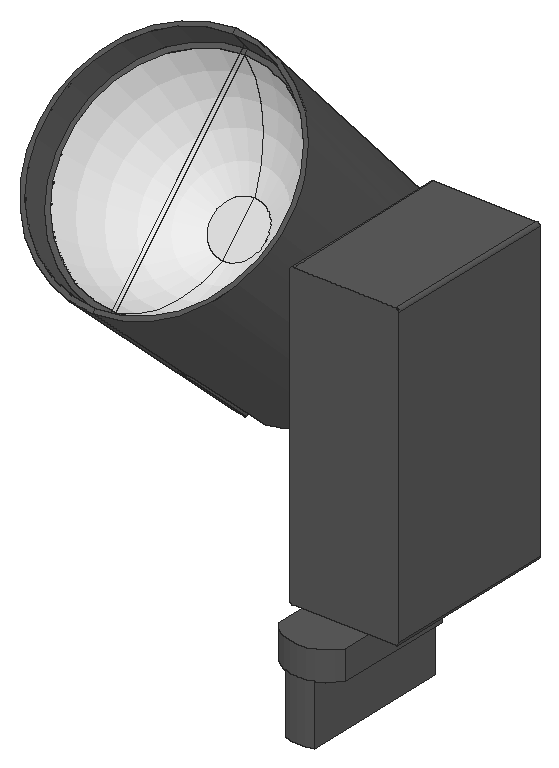
Revit family "0004904 Feilo Sylvania Lighting Fixture START TRACK SPOT L 55W 4K RA90 NB BLACK", category Lighting Fixtures, host Face, Revit 2017 (continued)
Definition of nested family "Start Track Spot Head"
  Types (96, lengths in mm): name | Wattage | built-in parameter 1150134 | Photometric Web File | Model | built-in parameter 1150105 | Lumens | built-in parameter 1150107 | built-in parameter 1150106 | HeadThickness_FEILO | HeadRibOffset_FEILO | HeadRibDepth_FEILO | HeadRibCutWidth_FEILO | HeadRibCutOffset_FEILO | HeadReflectorRadius_FEILO | HeadReflectorOffset_FEILO | HeadLEDRadius_FEILO | HeadHeight_FEILO | HeadDiffusorOffset_FEILO | HeadDiaOut_FEILO | HeadDiaIn_FEILO | HeadAxisFromTop_FEILO | Emit from Circle Diameter | built-in parameter 1150104 | Description | Apparent Load
    0004812 START TRACK SPOT S 14W 3K RA80 MB WHITE | 14 W | (empty or 0) | "0004812.ies" | "START TRACK SPOT S 14W 3K RA80 MB WHITE" | 120.32 (stored number, unit not read) | 1512 lm | 3000 (stored number, unit not read) | 1.2032 (stored number, unit not read) | 1.5 | 4.179 | 55.714 | 7.167 | 50.87 | 50.588 | 55.714 | 9.556 | 117 | 9.435 | 86 | 77.477 | 69.354 | 77.477 | 10.034 (stored number, unit not read) | "Integrated LED spotlight, Textured White - RAL9016, compact and minimalist design, ideal for retail applications, die-cast aluminium body, passive cooling heatsink. Beam angle: 36°, color temperature: 3000K , total system power: 14W, total fixture output: 1508 lm, LOR: 100%, colour rendering: Ra: 80 typical, LED Chromaticity: 3 step MacAdam ellipse, lifetime: >50000 hours at L70B50, energy class: A++, A+, A, IR/UV free light source without heat radiation, operating voltage: 220-240V / 50-60Hz, drive current: 350mA, electronic driver, non-dimmable, power factor: 0.92, electrical protection: Class II, Global Track 3 Phase adapter suitable for Global trac 3-circuit tracks, ingress protection rating: IP20, suitable for internal environment only, horizontal rotation: 355°, vertical tilt: 90°, dimensions: Ø86x140x200, weight: 0.940kg." | 14 VA
    0004811 START TRACK SPOT S 14W 3K RA80 NB WHITE | 14 W | (empty or 0) | "0004811.ies" | "START TRACK SPOT S 14W 3K RA80 NB WHITE" | 123.66 (stored number, unit not read) | 1554 lm | 3000 (stored number, unit not read) | 1.2366 (stored number, unit not read) | 1.5 | 4.179 | 55.714 | 7.167 | 50.87 | 50.588 | 55.714 | 9.556 | 117 | 9.435 | 86 | 77.477 | 69.354 | 77.477 | 10.312 (stored number, unit not read) | "Integrated LED spotlight, Textured White - RAL9016, compact and minimalist design, ideal for retail applications, die-cast aluminium body, passive cooling heatsink. Beam angle: 12°, color temperature: 3000K , total system power: 14W, total fixture output: 1551 lm, LOR: 100%, colour rendering: Ra: 80 typical, LED Chromaticity: 3 step MacAdam ellipse, lifetime: >50000 hours at L70B50, energy class: A++, A+, A, IR/UV free light source without heat radiation, operating voltage: 220-240V / 50-60Hz, drive current: 350mA, electronic driver, non-dimmable, power factor: 0.92, electrical protection: Class II, Global Track 3 Phase adapter suitable for Global trac 3-circuit tracks, ingress protection rating: IP20, suitable for internal environment only, horizontal rotation: 355°, vertical tilt: 90°, dimensions: Ø86x140x200, weight: 0.940kg." | 14 VA
  Reference planes
    plane 1 "Center (Front/Back)": y = 0
    plane 2: z = 0
    plane 3 "Center (Left/Right)": x = 0
    plane 4: x = 43
    plane 5: x = -43
    plane 6: x = -38.739
    plane 7: x = 38.739
    plane 8: z = 69.354
    plane 9: z = -47.646
    plane 10: x = -41.5
    plane 11: x = -37.239
    plane 12: z = -38.211
    plane 13: z = -35.211
    plane 14: z = 8.068
    plane 15: x = -9.556
    plane 16: x = -28.667
    plane 17: x = -19.111
    plane 18: x = -27.167
    plane 19: x = -17.611
    plane 20: x = -8.056
    plane 21: z = 13.64
    plane 22: x = -29.667
    plane 23: x = -26.167
    plane 24: x = -20.111
    plane 25: x = -16.611
    plane 26: x = -10.556
    plane 27: x = -7.056
    plane 28: x = -36.239
    plane 29: x = -40.5
    plane 30: z = 65.175
    plane 31: z = 60.997
    plane 32: z = 56.818
    plane 33: z = 18.484
    plane 34: y = -43
    plane 35: y = 43
    plane 36: y = 3.583
    plane 37: y = -3.583
    plane 38: y = -2.583
    plane 39: y = 2.583
    plane 40: y = 46
    plane 41: z = 13.5
    plane 42: z = -13.5
    plane 43: y = 39
    plane 44: x = 4.708
    plane 45: x = -2.458
    plane 46: x = -1.458
    plane 47: x = 1.458
  Forms (mm)
    Extrusion 1, solid
      sketch origin (4.2, 0, 0) x (1, 0, 0) y (0, 1, 0)
        loop
          line (-1219.2, 1219.2) -> (-1219.2, -1219.2) -> (1219.2, -1219.2) -> (1219.2, 1219.2) -> (-1219.2, 1219.2)
      from 0 to -68.017
    Revolve 2, solid, material <- "Material_1_FEILO", detail levels medium+fine
      sketch origin (0, 0, 0) x (1, 0, 0) y (0, 0, 1)
        loop
          line (-43, -47.646) -> (-41.5, -47.646) -> (-40.5, -35.211) -> (-38.739, -35.211)
          arc (-38.739, -35.211) -> (-30.16, -9.517) -> (-9.556, 8.068) r 50.588
          line (-9.556, 8.068) -> (0, 8.068) -> (0, 13.64) -> (-16.611, 13.64) -> (-17.611, 60.997) -> (-19.111, 60.997) -> (-20.111, 13.64) -> (-36.239, 13.64) -> (-37.239, 69.354) -> (-38.739, 69.354) -> (-43, -47.646)
        axis (0, 69.354) -> (0, -47.646)
      angle from 360 to 0
    Extrusion 3, void
      sketch origin (0, 0, 0) x (0, 1, 0) y (0, 0, 1)
        loop
          line (-3.583, 69.354) -> (-2.583, 18.484) -> (1.932, 18.484) -> (2.932, 69.354) -> (-3.583, 69.354)
      from 43 to -43
    Revolve 4, solid, material <- "Material_2_FEILO", detail levels medium+fine
      sketch origin (0, 0, 0) x (1, 0, 0) y (0, 0, 1)
        loop
          line (-41.5, -38.211) -> (0, -38.211) -> (0, -35.211) -> (-41.5, -35.211) -> (-41.5, -38.211)
        axis (0, -35.211) -> (0, -38.211)
      angle from 360 to 0
    Revolve 5, solid, material <- "Material_1_FEILO"
      sketch origin (0, 0, 0) x (0, 1, 0) y (0, 0, 1)
        loop
          line (46, 0) -> (39, 0) -> (39, -13.5) -> (46, -13.5) -> (46, 0)
        axis (39, 0) -> (46, 0)
      angle from 360 to 0
    Revolve 6, solid, material <- "Material_1_FEILO", detail levels medium+fine
      sketch origin (0, 0, 0) x (1, 0, 0) y (0, 0, 1)
        loop
          line (-29.667, 13.64) -> (-26.167, 13.64) -> (-27.167, 65.175) -> (-28.667, 65.175) -> (-29.667, 13.64)
        loop
          line (-10.556, 13.64) -> (-7.056, 13.64) -> (-7.833, 56.818) -> (-9.778, 56.818) -> (-10.556, 13.64)
        axis (0, 65.175) -> (0, 13.64)
      angle from 360 to 0
    Extrusion 7, void
      sketch origin (0, 0, 0) x (1, 0, 0) y (0, 0, 1)
        loop
          line (4.708, 69.354) -> (-2.458, 69.354) -> (-1.458, 13.64) -> (1.458, 13.64) -> (4.708, 69.354)
      from -43 to 43
    Revolve 8, solid, material <- "Material_1_FEILO", detail levels coarse
      sketch origin (0, 0, 0) x (1, 0, 0) y (0, 0, 1)
        loop
          line (0, 69.354) -> (-38.739, 69.354) -> (-43, -47.646) -> (-41.5, -47.646) -> (-40.731, -38.211) -> (0, -38.211) -> (0, 69.354)
        axis (0, 69.354) -> (0, -47.646)
      angle from 360 to 0
  Cuts and joins
    Extrusion 3 cuts Revolve 2
    Extrusion 7 cuts Revolve 6
  Dimensions and locks
    equal spacing: plane 7, plane 3 "Center (Left/Right)", plane 6
    equal spacing: plane 4, plane 3 "Center (Left/Right)", plane 5
    "HeadDiaOut_FEILO": plane 4 to plane 5
    "HeadDiaIn_FEILO": plane 7 to plane 6
    "HeadHeight_FEILO": plane 8 to plane 9
    "HeadThickness_FEILO": plane 10 to plane 5
    "HeadThickness_FEILO": plane 11 to plane 6
    "HeadDiffusorOffset_FEILO": plane 12 to plane 9
    "HeadDiffusorThickness_FEILO": plane 13 to plane 12
    "HeadReflectorOffset_FEILO": plane 14 to plane 9
    "HeadLEDRadius_FEILO": plane 3 "Center (Left/Right)" to plane 15
    "HeadLEDRadius_FEILO": plane 15 to plane 17
    "HeadLEDRadius_FEILO": plane 17 to plane 16
    "HeadThickness_FEILO": plane 18 to plane 16
    "HeadThickness_FEILO": plane 19 to plane 17
    "HeadThickness_FEILO": plane 20 to plane 15
    "HeadRibDepth_FEILO": plane 8 to plane 21
    "HeadDraft_FEILO": plane 16 to plane 22
    "HeadDraft_FEILO": plane 23 to plane 18
    "HeadDraft_FEILO": plane 17 to plane 24
    "HeadDraft_FEILO": plane 25 to plane 19
    "HeadDraft_FEILO": plane 15 to plane 26
    "HeadDraft_FEILO": plane 27 to plane 20
    "HeadDraft_FEILO": plane 29 to plane 10
    "HeadDraft_FEILO": plane 28 to plane 11
    "HeadRibOffset_FEILO": plane 8 to plane 30
    "HeadRibOffset_FEILO": plane 30 to plane 31
    "HeadRibOffset_FEILO": plane 31 to plane 32
    "HeadAxisFromTop_FEILO": plane 8 to plane 2
    "HeadRibCutOffset_FEILO": plane 8 to plane 33
    equal spacing: plane 34, plane 1 "Center (Front/Back)", plane 35
    "HeadDiaOut_FEILO": plane 34 to plane 35
    equal spacing: plane 38, plane 1 "Center (Front/Back)", plane 39
    equal spacing: plane 37, plane 1 "Center (Front/Back)", plane 36
    "HeadRibCutWidth_FEILO": plane 37 to plane 36
    "HeadDraft_FEILO": plane 37 to plane 38
    locked: plane 35 to plane 40 at 3
    equal spacing: plane 41, plane 2, plane 42
    locked: plane 42 to plane 41 at 27
    locked: plane 43 to plane 35 at 4
    equal spacing: plane 45, imposter light, plane 44
    "HeadDraft_FEILO": plane 46 to plane 45
    "HeadRibCutWidth_FEILO": plane 44 to plane 45
    equal spacing: plane 47, plane 3 "Center (Left/Right)", plane 46
    "HeadReflectorRadius_FEILO": radius of Revolve 2 sketch curve
    aligned and locked: plane 2 to Extrusion 1
    aligned and locked: level to Extrusion 1
    aligned and locked: Revolve 2 sketch curve to plane 3 "Center (Left/Right)"  (x2)
    aligned and locked: plane 9 to Revolve 2 sketch curve  (x2)
    aligned and locked: plane 5 to Revolve 2 sketch curve
    aligned and locked: plane 10 to Revolve 2 sketch curve
    aligned and locked: plane 14 to Revolve 2 sketch curve
    aligned and locked: plane 8 to Revolve 2 sketch curve
    aligned and locked: Revolve 2 sketch curve to plane 13
    aligned and locked: plane 12 to Revolve 4 sketch curve
    aligned and locked: plane 3 "Center (Left/Right)" to Revolve 4 sketch curve
    aligned and locked: Revolve 4 sketch curve to plane 10
    aligned and locked: Revolve 4 sketch curve to plane 3 "Center (Left/Right)"
    aligned and locked: plane 12 to imposter light
    aligned and locked: imposter light to plane 1 "Center (Front/Back)"
    aligned and locked: Revolve 5 sketch curve to plane 2
    aligned and locked: plane 43 to Revolve 5 sketch curve
    aligned and locked: plane 42 to Revolve 5 sketch curve
    aligned and locked: Revolve 6 sketch curve to plane 3 "Center (Left/Right)"
    aligned and locked: plane 22 to Revolve 6 sketch curve
    aligned and locked: plane 30 to Revolve 6 sketch curve
    aligned and locked: plane 23 to Revolve 6 sketch curve
    aligned and locked: Revolve 6 sketch curve to plane 21  (x2)
    aligned and locked: plane 21 to Revolve 6 sketch curve
    aligned and locked: plane 17 to Revolve 2 sketch curve
    aligned and locked: plane 19 to Revolve 2 sketch curve
    aligned and locked: plane 31 to Revolve 2 sketch curve
    aligned and locked: plane 21 to Revolve 2 sketch curve
    aligned and locked: Extrusion 3 to plane 8
    aligned and locked: plane 33 to Extrusion 3
    aligned and locked: plane 8 to Extrusion 3 sketch curve
    aligned and locked: Extrusion 3 sketch curve to plane 33
    aligned and locked: Extrusion 3 to plane 5
    aligned and locked: plane 4 to Extrusion 3
    aligned and locked: plane 32 to Revolve 6 sketch curve
    aligned and locked: plane 44 to Extrusion 7 sketch curve
    aligned and locked: Extrusion 7 sketch curve to plane 8
    aligned and locked: plane 46 to Extrusion 7 sketch curve
    aligned and locked: plane 21 to Extrusion 7 sketch curve
    aligned and locked: plane 34 to Extrusion 7
    aligned and locked: Extrusion 7 to plane 35
    aligned and locked: Revolve 4 sketch curve to plane 13
    aligned and locked: Revolve 5 sketch curve to plane 40
    aligned and locked: Revolve 8 sketch curve to plane 3 "Center (Left/Right)"
    aligned and locked: Revolve 8 sketch curve to cut or joined group of Revolve 2, Extrusion 3  (x3)
    aligned and locked: plane 5 to Revolve 8 sketch curve
    aligned and locked: plane 3 "Center (Left/Right)" to Revolve 8 sketch curve
    aligned and locked: plane 12 to Revolve 8 sketch curve
  Automatic sketch dimensions
    Extrusion 1 sketch curve to Extrusion 1 sketch curve = 2438.4 mm  (x2)
    Extrusion 3 sketch curve to plane 37 = 0 mm
    Extrusion 3 sketch curve to plane 38 = 0 mm
    plane 39 to Extrusion 3 sketch curve = 0.651 mm
    Extrusion 3 sketch curve to plane 39 = 0.349 mm
    Revolve 6 sketch curve to plane 16 = 0 mm
    Revolve 6 sketch curve to plane 18 = 0 mm
    Revolve 6 sketch curve to plane 26 = 0 mm
    Revolve 6 sketch curve to plane 27 = 0 mm
    Revolve 6 sketch curve to plane 15 = 0.222 mm
    plane 9 to Revolve 6 sketch curve = 559.103 mm
    Revolve 6 sketch curve to plane 8 = 2535.555 mm
    plane 20 to Revolve 6 sketch curve = 0.222 mm
    Revolve 2 sketch curve to plane 29 = 0 mm
    Revolve 2 sketch curve to plane 6 = 0 mm  (x2)
    Revolve 2 sketch curve to plane 11 = 0 mm
    Revolve 2 sketch curve to plane 21 = 0 mm
    Revolve 2 sketch curve to plane 28 = 0 mm
    Revolve 2 sketch curve to plane 24 = 0 mm
    Revolve 2 sketch curve to plane 25 = 0 mm
    Revolve 2 sketch curve to plane 15 = 0 mm
    Revolve 2 sketch curve to Revolve 2 sketch curve = 557.155 mm
    Revolve 2 sketch curve to plane 8 = 2535.558 mm
    Extrusion 7 sketch curve to plane 45 = 0 mm
    Extrusion 7 sketch curve to plane 47 = 0 mm
    plane 9 to Revolve 4 sketch curve = 559.103 mm
    Revolve 4 sketch curve to plane 8 = 2535.555 mm
    Revolve 5 sketch curve to level = 0 mm
    plane 34 to Revolve 5 sketch curve = 1968.092 mm
    Revolve 5 sketch curve to plane 40 = 1405.763 mm
    Revolve 8 sketch curve to plane 6 = 0 mm
    Revolve 8 sketch curve to plane 29 = 0.231 mm
    plane 9 to Revolve 8 sketch curve = 559.103 mm
    Revolve 8 sketch curve to Revolve 8 sketch curve = 2535.555 mm
Definition of nested family "Start Track Spot Box"
  Parameters (values of type "Type Large White")
    URL = "http://www.feilosylvania.com"
    Type Image = (empty or 0)
    Type Comments = "n/a"
    Small_FEILO = no
    Material_3_FEILO = none
    Model = ""
    Manufacturer = "Feilo Sylvania"
    Keynote = ""
    Material_2_FEILO = none
    Description = ""
    Default Elevation = 1219.2 mm
    Cost = 0
    Material_1_FEILO = none
    BoxWidth_FEILO = 49 mm
    BoxStartAngle_FEILO [instance] = 0.00°
    BoxRadius_FEILO = 1.5 mm
    BoxHeight_FEILO = if(Small_FEILO, 112 mm, 136 mm)  # 136 mm
    BoxEndAngle_FEILO [instance] = BoxStartAngle_FEILO - 180.00°  # -180.00°
    BoxDepth_FEILO = if(Small_FEILO, 71.5 mm, 79 mm)  # 79 mm
    BoxAxisVerticalOffset_FEILO = 16 mm
    BoxAxisOffset_FEILO = BoxHeight_FEILO / 6.8  # 20 mm
    Assembly Code = ""
    Material_4_FEILO = none
  Types (4, lengths in mm): name | Small_FEILO | BoxHeight_FEILO | BoxDepth_FEILO | BoxAxisOffset_FEILO
    Type Large White | no | 136 | 79 | 20
    Type Small White | yes | 112 | 71.5 | 16.471
    Type Small Black | yes | 112 | 71.5 | 16.471
    Type Large Black | no | 136 | 79 | 20
  Reference planes
    plane 1 "Center (Front/Back)": y = 0
    plane 2: z = 0
    plane 3 "Center (Left/Right)": x = 0
    plane 4: x = 24.5
    plane 5: x = -24.5
    plane 6: y = 68
    plane 7: y = -68
    plane 8: z = 39.5
    plane 9: z = -39.5
    plane 10: y = -48
    plane 11: x = 30.5
    plane 12: x = 8.5
    plane 13: x = 21.5
    plane 14: y = 70
    plane 15: y = 72
    plane 16: x = 19.5
  Forms (mm)
    Extrusion 1, solid
      sketch origin (4.2, 0, 0) x (1, 0, 0) y (0, 1, 0)
        loop
          line (-1219.2, 1219.2) -> (-1219.2, -1219.2) -> (1219.2, -1219.2) -> (1219.2, 1219.2) -> (-1219.2, 1219.2)
      from 0 to -68.017
    Extrusion 2, solid, material <- "Material_1_FEILO"
      sketch origin (0, 0, 0) x (1, 0, 0) y (0, 1, 0)
        loop
          arc (-23, 68) -> (-24.061, 67.561) -> (-24.5, 66.5) r 1.5
          line (-24.5, 66.5) -> (-24.5, -66.5)
          arc (-24.5, -66.5) -> (-24.061, -67.561) -> (-23, -68) r 1.5
          line (-23, -68) -> (23, -68)
          arc (23, -68) -> (24.061, -67.561) -> (24.5, -66.5) r 1.5
          line (24.5, -66.5) -> (24.5, 66.5)
          arc (24.5, 66.5) -> (24.061, 67.561) -> (23, 68) r 1.5
          line (23, 68) -> (-23, 68)
      from -39.5 to 39.5
    Revolve 3, solid, not visible
      sketch origin (0, 0, 0) x (1, 0, 0) y (0, 1, 0)
        loop
          line (30.5, -48) -> (24.5, -48) -> (24.5, -68) -> (30.5, -68) -> (30.5, -48)
        axis (30.5, -48) -> (24.5, -48)
      angle from 0 <- "BoxStartAngle_FEILO" to -180 <- "BoxEndAngle_FEILO"
    Revolve 4, solid, material <- "Material_2_FEILO"
      sketch origin (0, 0, 0) x (1, 0, 0) y (0, 1, 0)
        loop
          line (8.5, 68) -> (19.5, 68) -> (19.5, 70) -> (21.5, 70) -> (21.5, 72) -> (8.5, 72) -> (8.5, 68)
        axis (8.5, 72) -> (8.5, 68)
      angle from 360 to 0
  Dimensions and locks
    equal spacing: plane 5, plane 3 "Center (Left/Right)", plane 4
    "BoxWidth_FEILO": plane 5 to plane 4
    equal spacing: plane 7, plane 1 "Center (Front/Back)", plane 6
    "BoxHeight_FEILO": plane 7 to plane 6
    equal spacing: plane 8, plane 2, plane 9
    "BoxDepth_FEILO": plane 8 to plane 9
    "BoxAxisOffset_FEILO": plane 7 to plane 10
    locked: plane 4 to plane 11 at 6
    "BoxAxisVerticalOffset_FEILO": plane 12 to plane 4
    locked: plane 12 to plane 13 at 13
    plane 6 to plane 14 to plane 15 = 2 mm locked, 2 mm locked
    locked: plane 12 to plane 16 at 11
    "BoxRadius_FEILO": radius of Extrusion 2 sketch curve  (x4)
    aligned and locked: plane 2 to Extrusion 1
    aligned and locked: level to Extrusion 1
    aligned and locked: plane 6 to Extrusion 2 sketch curve
    aligned and locked: plane 5 to Extrusion 2 sketch curve
    aligned and locked: Extrusion 2 sketch curve to plane 7
    aligned and locked: Extrusion 2 sketch curve to plane 4
    aligned and locked: Extrusion 2 to plane 8
    aligned and locked: plane 9 to Extrusion 2
    aligned and locked: Revolve 3 sketch curve to plane 10  (x2)
    aligned and locked: plane 11 to Revolve 3 sketch curve
    aligned and locked: Revolve 3 sketch curve to plane 4
    aligned and locked: plane 7 to Revolve 3 sketch curve
    aligned and locked: Revolve 4 sketch curve to plane 12
    aligned and locked: plane 6 to Revolve 4 sketch curve
    aligned and locked: plane 12 to Revolve 4 sketch curve
    aligned and locked: plane 15 to Revolve 4 sketch curve
    aligned and locked: Revolve 4 sketch curve to plane 13
    aligned and locked: Revolve 4 sketch curve to plane 14
    aligned and locked: Revolve 4 sketch curve to plane 16
    aligned and locked: Revolve 4 sketch curve to plane 6
  Automatic sketch dimensions
    Extrusion 1 sketch curve to Extrusion 1 sketch curve = 2438.4 mm  (x2)
    Revolve 3 sketch curve to plane 5 = 1499.5 mm
    plane 11 to Revolve 3 sketch curve = 1493.5 mm
    plane 15 to Revolve 4 sketch curve = 0 mm
    plane 7 to Revolve 4 sketch curve = 1456 mm
    Revolve 4 sketch curve to plane 15 = 1452 mm
